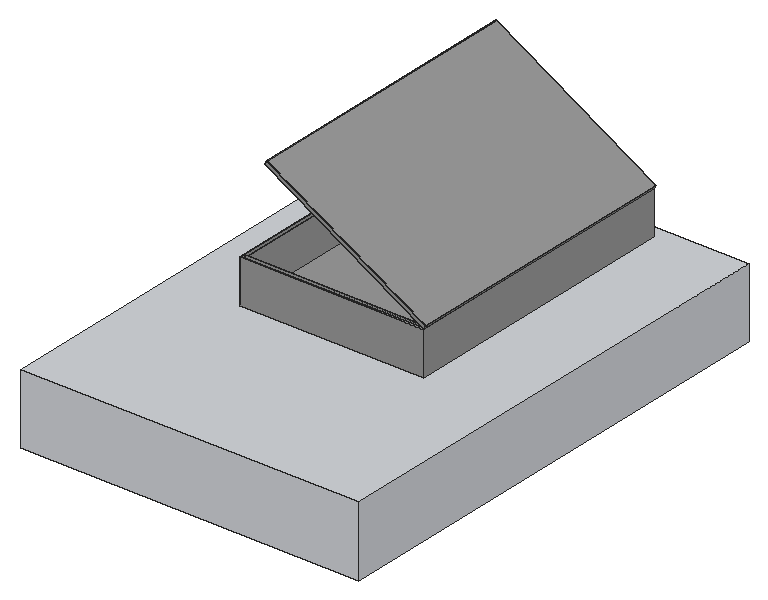
Revit family "Hager-Univers-IP44-D205-H1250-Cl.I-Encl-SE-en", category Equipement électrique, Revit 2020
Family settings
  Hôte = Face
  Configuration du panneau = Deux colonnes, circuits au sein
  Cote de connecteur circulaire = Utiliser le diamètre
  Type d'élément = Tableau de raccordement
  Couper avec des vides une fois chargée = Non
  Partagée = Non
  Point de calcul de pièce = Non
Parameters (values of type "Surface mounted (plaster) IP44 W800 H1250 D205  - FP83TN2")
  Width Control [instance] = if([EF000008 - Width] > Min Width, [EF000008 - Width], Min Width)  # 800 mm
  Commentaires du type = [HG000003 - Range]  # "Univers"
  Thickness Door [instance] = if([EF009171 - Material plate thickness door/cover] > 3 mm, 3 mm, [EF009171 - Material plate thickness door/cover])  # 1 mm
  Seal Frame Offset [instance] = 17 mm  # constant formula
  Plinth Visibility [instance] = [HG000027 - Plinth height] > 0 mm  # no
  Model = ""
  Min Width [instance] = 100 mm  # constant formula
  Min Height [instance] = 100 mm  # constant formula
  Min Depth [instance] = (2 * [EF009170 - Material plate thickness cabinet]) + 1 mm  # 3 mm
  Internal Frame Depth [instance] = (Door System Depth * 0.5)  # 9 mm
  Height Control [instance] = if([EF000040 - Height] > Min Height, [EF000040 - Height], Min Height)  # 1250 mm
  HG000027 - Plinth height = 0 mm
  HG000026 - Floor standing = no
  HG000024 - Bottom section height = 800 mm
  HG000023 - Double section enclosure = no
  HG000016 - Door 3d visibility [instance] = yes
  HG000015 - Clearance visibility [instance] = no
  HG000014 - Door on the right [instance] = yes
  HG000013 - Door on the left [instance] = not([HG000014 - Door on the right])  # no
  HG000012 - Door swing angle [instance] = 30.00°
  HG000010 - Asymmetric doors = no
  HG000009 - Double swing door = no
  HG000006 - Flush mounted = no
  HG000004 - Manufacturer reference = "FP83TN2"
  HG000003 - Range = "Univers"
  HG000002 - With door or cover = yes
  Frame Offset Bottom [instance] = 10 mm  # constant formula
  Frame Offset [instance] = 15 mm  # constant formula
  EF015940 - Cover with overpressure release = no
  EF011959 - Degree of protection (NEMA) = ""
  EF009554 - Number of openings for flange plates = 6
  EF009212 - Cover model = "EV000116 - Closed"
  EF009171 - Material plate thickness door/cover = 1 mm
  EF009170 - Material plate thickness cabinet = 1 mm
  Fabricant = "Hager"  # constant formula
  EF008873 - Nominal current (In) = 250 A
  EF007800 - Suitable for lightning protection = no
  EF006306 - With lock = no
  EF006244 - Transparent cover/door = no
  EF005474 - Degree of protection (IP) = "EV006418 - IP44"
  EF004464 - Type of door = "EV002646 - Single"
  EF004427 - Number of modules = 288
  EF004293 - Impact strength = "EV006815 - IK09"
  EF003532 - Suitable for outdoor use = no
  EF002950 - Width in number of modular spacings = 36
  EF001613 - Circuit integrity = "EV000494 - None"
  EF001596 - Material housing = "EV000179 - Steel"
  EF001131 - Internal depth = 130 mm
  EF001088 - Extension possible = yes
  EF000437 - Number of conduit inlets = 6
  EF000339 - Type of cover = "EV001012 - Cover"
  EF000266 - Number of rows = 8
  EF000218 - Built-in depth = 205 mm
  EF000118 - With mounting plate = no
  EF000116 - RAL-number = "9010"
  EF000049 - Depth = 205 mm
  EF000040 - Height = 1250 mm
  EF000008 - Width = 800 mm
  EF000007 - Colour = "EV000202 - White"
  EF000003 - Mounting method = "EV000384 - Surface mounted (plaster)"
  Door System Leaf Tolerance [instance] = 1.5 mm  # constant formula
  Door System Depth [instance] = 18 mm  # constant formula
  Door Height [instance] = Height Control - [HG000027 - Plinth height]  # 1250 mm
  Depth Control [instance] = if([EF000049 - Depth] > Min Depth, [EF000049 - Depth], Min Depth)  # 205 mm
  Default Elevation = 0 mm
  Connector Offset [instance] = Height Control / 2  # 625 mm
  Bottom Top Plate Trim [instance] = 1.5 mm  # constant formula
  Plinth height Ctrl [instance] = if([HG000027 - Plinth height] > 0 mm, [HG000027 - Plinth height], 12 mm)  # 12 mm
Types (5, lengths in mm): name | Width Control | HG000010 - Asymmetric doors | HG000009 - Double swing door | HG000004 - Manufacturer reference | EF009554 - Number of openings for flange plates | EF004464 - Type of door | EF004427 - Number of modules | EF002950 - Width in number of modular spacings | EF000437 - Number of conduit inlets | EF000008 - Width
  Surface mounted (plaster) IP44 W1050 H1250 D205  - FP84TN2 | 1050 | no | yes | "FP84TN2" | 8 | "EV003602 - Double" | 384 | 48 | 8 | 1050
  Surface mounted (plaster) IP44 W1300 H1250 D205  - FP85TN2 | 1300 | yes | yes | "FP85TN2" | 10 | "EV003602 - Double" | 480 | 60 | 10 | 1300
  Surface mounted (plaster) IP44 W300 H1250 D205  - FP81TN2 | 300 | no | no | "FP81TN2" | 2 | "EV002646 - Single" | 96 | 12 | 2 | 300
  Surface mounted (plaster) IP44 W550 H1250 D205  - FP82TN2 | 550 | no | no | "FP82TN2" | 4 | "EV002646 - Single" | 192 | 24 | 4 | 550
  Surface mounted (plaster) IP44 W800 H1250 D205  - FP83TN2 | 800 | no | no | "FP83TN2" | 6 | "EV002646 - Single" | 288 | 36 | 6 | 800
Reference planes
  plane 1 "Center (Front/Back)": y = 0
  plane 2: z = 0
  plane 3 "Center (Left/Right)": x = 0
  plane 4: z = 205
  plane 5: y = 1
  plane 6: y = 625
  plane 7: y = 0
  plane 8: y = 1250
  plane 9: z = 0
  plane 10: x = -385
  plane 11: x = 385
  plane 12: x = 384
  plane 13: x = -384
  plane 14: y = 1249
  plane 15: x = -383
  plane 16: x = -400
  plane 17: x = 383
  plane 18: x = 400
  plane 19: x = 399
  plane 20: x = -399
  plane 21: y = 11
  plane 22: y = 1250
  plane 23: y = 1234
  plane 24: z = 187
  plane 25: z = 1
  plane 26: z = 186
  plane 27: z = 204
Forms (mm)
  Extrusion 1, solid
    sketch origin (0, 0, 0) x (1, 0, 0) y (0, 1, 0)
      loop
        line (-702.964, 1305) -> (-702.964, -811.445) -> (766.763, -811.445) -> (766.763, 1305) -> (-702.964, 1305)
    from 0 to -304.8
  Extrusion 2, solid, material "Hager_Steel_RAL7035_Light_Grey", visible <- "Plinth Visibility", detail levels medium+fine
    sketch origin (0, 0, 0) x (1, 0, 0) y (0, 1, 0)
      loop
        line (-400, 0) -> (400, 0) -> (400, 12) -> (-400, 12) -> (-400, 0)
    from 0 to 187
  Extrusion 3, solid, material "Hager_Steel_RAL7035_Light_Grey", detail levels medium+fine
    sketch origin (0, 0, 0) x (1, 0, 0) y (0, 1, 0)
      loop
        line (-400, 0) -> (400, 0) -> (400, 1250) -> (-400, 1250) -> (-400, 0)
    from 0 to 187
  Extrusion 4, void
    sketch origin (0, 0, 0) x (1, 0, 0) y (0, 1, 0)
      loop
        line (-399, 1) -> (399, 1) -> (399, 1249) -> (-399, 1249) -> (-399, 1)
    from 1 to 186
  Extrusion 5, void
    sketch origin (-381.607, -4572, 187) x (0, -1, 0) y (-1, 0, 0)
      loop
        line (-4583, 2.393) -> (-5806, 2.393) -> (-5806, -765.607) -> (-4583, -765.607) -> (-4583, 2.393)
    from 0 to 1 <- "EF009170 - Material plate thickness cabinet"
  Extrusion 6, solid, material "Hager_Steel_RAL7035_Light_Grey", detail levels fine
    sketch origin (0, 0, 187) x (1, 0, 0) y (0, 1, 0)
      loop
        line (-384, 1234) -> (-384, 11) -> (384, 11) -> (384, 1234) -> (-384, 1234)
      loop
        line (-385, 10) -> (385, 10) -> (385, 1235) -> (-385, 1235) -> (-385, 10)
    from 0 to 9 <- "Internal Frame Depth"
  Extrusion 7, solid, material "Hager_Steel_RAL7035_Light_Grey", detail levels coarse
    sketch origin (0, 0, 0) x (1, 0, 0) y (0, 1, 0)
      loop
        line (-400, 0) -> (400, 0) -> (400, 1250) -> (-400, 1250) -> (-400, 0)
    from 0 to 205
  Sweep 8, void
    path in 3D
      loop
        line (-400, 12, 0) -> (400, 12, 0) -> (400, 12, 187) -> (-400, 12, 187) -> (-400, 12, 0)
    profile origin (-400, 12, 93.5) x (-1, 0, 0) y (0, -1, 0)
      loop
        line (0, 0) -> (0, 1.5) -> (-1.5, 1.5)
        arc (-1.5, 1.5) -> (-1.061, 0.439) -> (0, 0) r 1.5
Cuts and joins
  Extrusion 4, Extrusion 5 cuts Extrusion 3
  Sweep 8 cuts Extrusion 2
Lines and regions (mm)
  Masking region 1
    outline origin (0, 0, 0) x (1, 0, 0) y (0, 0, 1)
      loop
        line (-400, 205) -> (-400, 0) -> (400, 0) -> (400, 205) -> (-400, 205)
  Masking region 2, detail levels medium+fine
    outline origin (0, 140, 0) x (0, 1, 0) y (0, 0, 1)
      loop
        line (-140, 0) -> (1110, 0) -> (1110, 187) -> (-140, 187) -> (-140, 0)
  Masking region 3, not visible, detail levels medium+fine
    outline origin (0, 297.922, 0) x (0, 1, 0) y (0, 0, 1)
      loop
        line (338.578, 0) -> (378.578, 0) -> (378.578, 194)
        arc (378.578, 194) -> (375.649, 201.071) -> (368.578, 204) r 10
        line (368.578, 204) -> (338.578, 204) -> (338.578, 0)
  Masking region 4, detail levels coarse
    outline origin (0, 0, 180) x (0, 1, 0) y (0, 0, 1)
      loop
        line (0, -180) -> (1250, -180) -> (1250, 25) -> (0, 25) -> (0, -180)
  Masking region 5, visible <- "Plinth Visibility", detail levels medium+fine
    outline origin (0, 52.24, 12.345) x (0, 0, -1) y (0, 1, 0)
      loop
        line (10.845, -40.24) -> (-173.155, -40.24)
        arc (-173.155, -40.24) -> (-173.594, -41.301) -> (-174.655, -41.74) r 1.5
        line (-174.655, -41.74) -> (-174.655, -52.24) -> (12.345, -52.24) -> (12.345, -41.74)
        arc (12.345, -41.74) -> (11.285, -41.301) -> (10.845, -40.24) r 1.5
  Masking region 6, detail levels medium+fine
    outline origin (-381.607, -4572, 187) x (-1, 0, 0) y (0, -1, 0)
      loop
        line (18.393, -5822) -> (18.393, -4572) -> (-781.607, -4572) -> (-781.607, -5822) -> (18.393, -5822)
  Masking region 7, visible <- "Plinth Visibility", detail levels medium+fine
    outline origin (-381.607, -4727, 187) x (-1, 0, 0) y (0, -1, 0)
      loop
        arc (16.893, -4739) -> (17.332, -4737.939) -> (18.393, -4737.5) r 1.5
        line (18.393, -4737.5) -> (18.393, -4727) -> (-781.607, -4727) -> (-781.607, -4737.5)
        arc (-781.607, -4737.5) -> (-780.546, -4737.939) -> (-780.107, -4739) r 1.5
        line (-780.107, -4739) -> (16.893, -4739)
  Masking region 8, detail levels coarse
    outline origin (-442.548, -4669.526, 187) x (-1, 0, 0) y (0, -1, 0)
      loop
        line (-42.548, -5919.526) -> (-42.548, -4669.526) -> (-842.548, -4669.526) -> (-842.548, -5919.526) -> (-42.548, -5919.526)
  sketch lines
    curve 1: line (-400, 12, 187) -> (-400, 12, 0)
    curve 2: line (400, 12, 187) -> (-400, 12, 187)
    curve 3: line (400, 12, 187) -> (400, 12, 0)
    curve 4: line (-400, 12, 0) -> (400, 12, 0)
Dimensions and locks
  "Depth Control": plane 4 to Extrusion 1
  "HG000027 - Plinth height": plane 1 "Center (Front/Back)" to plane 7
  "EF009170 - Material plate thickness cabinet": plane 5 to plane 7
  locked: connector elem to plane 3 "Center (Left/Right)"
  equal spacing: plane 8, plane 6, plane 7
  locked: connector elem to plane 6
  "EF009170 - Material plate thickness cabinet": plane 8 to plane 14
  "EF009170 - Material plate thickness cabinet": plane 10 to plane 13
  "EF009170 - Material plate thickness cabinet": plane 12 to plane 11
  "Frame Offset": plane 20 to plane 13
  "Frame Offset": plane 12 to plane 19
  "EF009170 - Material plate thickness cabinet": plane 16 to plane 20
  "EF009170 - Material plate thickness cabinet": plane 19 to plane 18
  "Seal Frame Offset": plane 16 to plane 15
  "Seal Frame Offset": plane 17 to plane 18
  "Frame Offset Bottom": plane 21 to plane 5
  "Frame Offset": plane 14 to plane 23
  equal spacing: plane 16, plane 3 "Center (Left/Right)", plane 18
  "Width Control": plane 16 to plane 18
  "EF009170 - Material plate thickness cabinet": plane 4 to plane 27
  "EF009170 - Material plate thickness cabinet": plane 24 to plane 26
  "EF009170 - Material plate thickness cabinet": plane 25 to level
  "Door System Depth": plane 4 to plane 24
  "Height Control": plane 1 "Center (Front/Back)" to Extrusion 7 sketch curve
  "Height Control": Masking region 4 sketch curve to plane 1 "Center (Front/Back)"
  "Height Control": plane 1 "Center (Front/Back)" to plane 22
  "Bottom Top Plate Trim": profile plane to Sweep 8 sketch curve
  "Bottom Top Plate Trim": Sweep 8 sketch curve to profile plane
  "Plinth height Ctrl": plane 1 "Center (Front/Back)" to Extrusion 2 sketch curve
  "Plinth height Ctrl": Masking region 5 sketch curve to plane 1 "Center (Front/Back)"
  "Plinth height Ctrl": plane 1 "Center (Front/Back)" to Masking region 7 sketch curve
  "Thickness Door": Extrusion 6 sketch curve to Extrusion 6 sketch curve  (x3)
  "Thickness Door": cut or joined group of Extrusion 3, Extrusion 4, Extrusion 5 to Extrusion 6 sketch curve
  radius of Masking region 3 sketch curve = 10 mm
  "Bottom Top Plate Trim": radius of Masking region 5 sketch curve  (x2)
  "Bottom Top Plate Trim": radius of Sweep 8 sketch curve
  "Bottom Top Plate Trim": radius of Masking region 7 sketch curve  (x2)
  aligned and locked: plane 2 to Extrusion 1
  aligned and locked: level to Extrusion 1
  aligned and locked: level to Masking region 1 sketch curve
  aligned and locked: Masking region 1 sketch curve to plane 18
  aligned and locked: Masking region 1 sketch curve to plane 16
  aligned and locked: plane 7 to Masking region 2 sketch curve
  aligned and locked: level to Masking region 3 sketch curve
  aligned and locked: Masking region 3 sketch curve to plane 27
  aligned and locked: level to Masking region 2 sketch curve
  aligned and locked: plane 1 "Center (Front/Back)" to Extrusion 2 sketch curve
  aligned and locked: Extrusion 3 sketch curve to plane 7
  aligned and locked: plane 16 to Extrusion 3 sketch curve
  aligned and locked: plane 18 to Extrusion 3 sketch curve
  aligned and locked: plane 20 to Extrusion 4 sketch curve
  aligned and locked: plane 19 to Extrusion 4 sketch curve
  aligned and locked: Extrusion 4 sketch curve to plane 5
  aligned and locked: Extrusion 4 to plane 25
  aligned and locked: plane 26 to Extrusion 4
  aligned and locked: plane 24 to Extrusion 3
  aligned and locked: Extrusion 5 sketch curve to plane 21
  aligned and locked: Extrusion 5 sketch curve to plane 13
  aligned and locked: Extrusion 5 sketch curve to plane 12
  aligned and locked: plane 18 to Extrusion 7 sketch curve
  aligned and locked: plane 1 "Center (Front/Back)" to Extrusion 7 sketch curve
  aligned and locked: plane 16 to Extrusion 7 sketch curve
  aligned and locked: plane 4 to Extrusion 7
  aligned and locked: Extrusion 7 to level
  aligned and locked: level to Masking region 4 sketch curve
  aligned and locked: Masking region 4 sketch curve to plane 1 "Center (Front/Back)"
  aligned and locked: Masking region 4 sketch curve to plane 4
  aligned and locked: nested 1 to level
  aligned and locked: nested 1 to plane 16
  aligned and locked: plane 8 to Extrusion 3 sketch curve
  aligned and locked: plane 23 to Extrusion 5 sketch curve
  aligned and locked: plane 14 to Extrusion 4 sketch curve
  aligned and locked: Masking region 2 sketch curve to plane 8
  aligned and locked: level to Masking region 5 sketch curve
  aligned and locked: plane 16 to Extrusion 2 sketch curve
  aligned and locked: plane 18 to Extrusion 2 sketch curve
  aligned and locked: Masking region 5 sketch curve to plane 24
  aligned and locked: Masking region 2 sketch curve to plane 24
  aligned and locked: plane 24 to Extrusion 2
  aligned and locked: profile plane to Sweep 8 sketch curve  (x2)
  aligned and locked: Masking region 6 sketch curve to plane 18
  aligned and locked: Masking region 6 sketch curve to plane 22
  aligned and locked: Masking region 6 sketch curve to plane 16
  aligned and locked: plane 8 to plane 22
  aligned and locked: Masking region 6 sketch curve to plane 7
  aligned and locked: Masking region 7 sketch curve to plane 16
  aligned and locked: Masking region 7 sketch curve to plane 1 "Center (Front/Back)"
  aligned and locked: Masking region 7 sketch curve to plane 18
  aligned and locked: Masking region 8 sketch curve to plane 1 "Center (Front/Back)"
  aligned and locked: Masking region 8 sketch curve to plane 18
  aligned and locked: Masking region 8 sketch curve to plane 22
  aligned and locked: Masking region 8 sketch curve to plane 16
  aligned and locked: nested 2 to plane 7
  aligned and locked: plane 3 "Center (Left/Right)" to nested 2
  aligned and locked: nested 2 to plane 24
  aligned and locked: Extrusion 6 sketch curve to cut or joined group of Extrusion 3, Extrusion 4, Extrusion 5  (x4)
Automatic sketch dimensions
  Extrusion 1 sketch curve to Extrusion 1 sketch curve = 1469.727 mm
  Extrusion 1 sketch curve to Extrusion 1 sketch curve = 2116.445 mm
  Masking region 1 sketch curve to plane 4 = 0 mm
  plane 6 to Masking region 3 sketch curve = 11.5 mm
  Masking region 3 sketch curve to Masking region 3 sketch curve = 30 mm
  Masking region 5 sketch curve to plane 1 "Center (Front/Back)" = 0 mm
Nested families
  nested 1: "Hager_Enclosure_Symbol" at (-400, 0, 0) x (1, 0, 0) z (0, -1, 0), Height <- "Depth Control", Width <- "Width Control", type "Hager_Enclosure_Symbol"
    with Width_Ctrl 800 mm, Width 800 mm, Height_Ctrl 205 mm, Height 205 mm, A_Width_Int 13.453 mm, A_Width 161.438 mm, A_Height_Ctrl 179.375 mm, A_Height 179.375 mm
  nested 2: "EC000058_Univers_Door" at (0, 0, 187) x (1, 0, 0) z (0, 1, 0), Leaf_Tolerance <- "Door System Leaf Tolerance", Angle <- "HG000012 - Door swing angle", Door_Depth <- "Door System Depth", Door_Left <- "HG000013 - Door on the left", Transparent <- "EF006244 - Transparent cover/door", Assymetrical <- "HG000010 - Asymmetric doors", Width <- "Width Control", Clearance <- "HG000015 - Clearance visibility", Double <- "HG000009 - Double swing door", 3d_Door <- "HG000016 - Door 3d visibility", Lock_Visibility <- "EF006306 - With lock", Width_Ctrl <- "Width Control", Door_Right <- "HG000014 - Door on the right", Door <- "HG000002 - With door or cover", Height <- "Door Height", Thickness <- "Thickness Door", type "EC000058_Univers_Door", detail levels medium+fine
    with min_wh 3 mm, Width_Ctrl 800 mm, Width 800 mm, Transparent no, Thickness 1 mm, Seal_Material Hager_Rubber, Lock_Visibility no, Lock_Material Hager_Plastic_RAL9005_Jet_Black, Leaf_Width 800 mm, Leaf_Tolerance_External_Sides 0 mm, Leaf_Tolerance 1.5 mm, Leaf_Offset 0 mm, Leaf_Height 1247 mm, Leaf_2_Width 800 mm, Leaf_2_Offset 400 mm, Leaf_1_Width 800 mm, Leaf_1_Offset 400 mm, Height_Ctrl 1250 mm, Height 1250 mm, Glass_Material Hager_Glass, Double_Clearance_Ctrl no, Double no, Door_Right_Ctrl yes, Door_Right yes, Door_Material Hager_Steel_RAL7035_Light_Grey, Door_Left_Ctrl no, Door_Left no, Door_Depth 18 mm, Door yes, Clearance_Material Hager_Clearance, Clearance_Depth 800 mm, Clearance_Ctrl no, Clearance no, Assymetrical no, Angle 30.00°, 3d_Door yes
Connectors
  electrical at (0, 625, 0)
    settings: on plane 9, index 1, voltage 0 V, apparent load 0 VA, apparent load phase1 0 VA, apparent load phase2 0 VA, apparent load phase3 0 VA, power factor 1, load classification "Other", number of poles 1, system type 30, power factor state 1, is connector primary yes, connector utility no, sub classification motor no, connector description ""
Definition of nested family "EC000058_Univers_Door"
  Parameters (values of type "EC000058_Univers_Door")
    min_wh [instance] = (2 * Thickness) + 1 mm  # 11 mm
    Width_Ctrl [instance] = 400 mm
    Width [instance] = 500 mm
    Transparent [instance] = yes
    Thickness [instance] = 5 mm
    Seal_Material [instance] = none
    Lock_Visibility [instance] = yes
    Lock_Material [instance] = none
    Leaf_Width [instance] = if((Width_Ctrl - 2 * Leaf_Tolerance_External_Sides) > 0 mm, (Width_Ctrl - 2 * Leaf_Tolerance_External_Sides), min_wh)  # 400 mm
    Leaf_Tolerance_External_Sides [instance] = 0 mm  # constant formula
    Leaf_Tolerance [instance] = 1.5 mm
    Leaf_Offset [instance] = 0 mm  # constant formula
    Leaf_Height [instance] = if((Height_Ctrl - 2 * Leaf_Tolerance) > 0 mm, (Height_Ctrl - 2 * Leaf_Tolerance), min_wh)  # 497 mm
    Leaf_2_Width [instance] = if(and(and(Double, Assymetrical), Door_Left), (Leaf_Width / 3) - (Leaf_Tolerance / 2), if(and(and(Double, Assymetrical), Door_Right), (Leaf_Width / 3) * 2 - (Leaf_Tolerance / 2), if(and(Double, not(Assymetrical)), (Leaf_Width / 2) - Leaf_Tolerance, Leaf_Width)))  # 400 mm
    Leaf_2_Offset [instance] = if(and(Double, Assymetrical), Leaf_2_Width / 2, if(and(Double, not(Assymetrical)), Leaf_Width / 4, Leaf_Width / 2))  # 200 mm
    Leaf_1_Width [instance] = if(and(and(Double, Assymetrical), Door_Right), (Leaf_Width / 3) - (Leaf_Tolerance / 2), if(and(and(Double, Assymetrical), Door_Left), (Width / 3) * 2 - (Leaf_Tolerance / 2), if(and(Double, not(Assymetrical)), (Leaf_Width / 2) - Leaf_Tolerance, Leaf_Width)))  # 400 mm
    Leaf_1_Offset [instance] = if(and(Double, Assymetrical), Leaf_1_Width / 2, if(and(Double, not(Assymetrical)), Leaf_Width / 4, Leaf_Width / 2))  # 200 mm
    Height_Ctrl [instance] = if(Height > min_wh, Height, min_wh)  # 500 mm
    Height [instance] = 500 mm
    Glass_Material [instance] = none
    Double_Clearance_Ctrl [instance] = and(Double, Clearance)  # no
    Double [instance] = no
    Door_Right_Ctrl [instance] = and(or(Door_Right, Double), Door)  # yes
    Door_Right [instance] = yes
    Door_Material [instance] = none
    Door_Left_Ctrl [instance] = and(or(Door_Left, Double), Door)  # no
    Door_Left [instance] = no
    Door_Depth [instance] = 30 mm
    Door [instance] = yes
    Default Elevation = 1219.2 mm
    Clearance_Material [instance] = none
    Clearance_Depth [instance] = if(Leaf_1_Width > Leaf_2_Width, Leaf_1_Width, Leaf_2_Width)  # 400 mm
    Clearance_Ctrl [instance] = and(not(Double), Clearance)  # yes
    Clearance [instance] = yes
    Assymetrical [instance] = yes
    Angle [instance] = 30.00°
    3d_Door [instance] = yes
  Reference planes
    plane 1 "Center (Front/Back)": y = 0
    plane 2 "Bottom": z = 0
    plane 3 "Center (Left/Right)": x = 0
    plane 4: z = 500
    plane 5: x = -200
    plane 6: x = 200
    plane 7: z = 500
    plane 8: x = -200
    plane 9: z = 0
    plane 10: x = 200
    plane 11: y = 0
    plane 12: z = 1.5
    plane 13: x = -600
    plane 14: y = -400
    plane 15: x = 600
    plane 16: x = 0
    plane 17: x = 0
    plane 18: x = -200
    plane 19: x = 200
    plane 20: z = 498.5
  Forms (mm)
    Extrusion 1, solid, material <- "Clearance_Material", visible <- "Double_Clearance_Ctrl"
      sketch origin (1200, 0, 0) x (1, 0, 0) y (0, 0, -1)
        loop
          line (-1800, -498.5) -> (-600, -498.5) -> (-600, 0) -> (-1800, 0) -> (-1800, -498.5)
      from 0 to -400
  Dimensions and locks
    equal spacing: plane 5, plane 3 "Center (Left/Right)", plane 6
    "Width_Ctrl": plane 5 to plane 6
    "Leaf_Offset": plane 5 to plane 8
    "Leaf_Offset": plane 6 to plane 10
    "Leaf_Offset": plane 9 to level
    "Leaf_Offset": plane 4 to plane 7
    "Height_Ctrl": plane 4 to level
    "Leaf_Tolerance": plane 12 to plane 9
    locked: plane 11 to plane 1 "Center (Front/Back)"
    "Leaf_1_Offset": plane 18 to plane 16
    "Leaf_2_Offset": plane 17 to plane 19
    "Leaf_1_Width": plane 13 to plane 8
    "Leaf_2_Width": plane 10 to plane 15
    "Clearance_Depth": plane 14 to plane 1 "Center (Front/Back)"
    "Leaf_Tolerance_External_Sides": plane 8 to plane 18
    "Leaf_Tolerance_External_Sides": plane 19 to plane 10
    "Leaf_Tolerance": plane 7 to plane 20
    aligned and locked: level to plane 2 "Bottom"
    aligned and locked: nested 1 to plane 16
    aligned and locked: nested 2 to plane 17
    aligned and locked: Extrusion 1 to plane 13
    aligned and locked: plane 15 to Extrusion 1
    aligned and locked: Extrusion 1 to plane 14
    aligned and locked: plane 12 to nested 1
    aligned and locked: nested 2 to plane 12
    aligned and locked: Extrusion 1 to plane 11
    aligned and locked: plane 20 to Extrusion 1
    aligned and locked: nested 2 to plane 11
    aligned and locked: nested 1 to plane 11
  Automatic sketch dimensions
    Extrusion 1 sketch curve to level = 0 mm
    plane 5 to Extrusion 1 sketch curve = 400 mm
    plane 6 to Extrusion 1 sketch curve = 400 mm
    Extrusion 1 sketch curve to plane 4 = 1.5 mm
  Nested families
    nested 1: "EC000058_Univers_Door_Leaf" at (0, 0, 1.5), Width <- "Leaf_1_Width", visible <- "Door_Left_Ctrl", Leaf_Height <- "Leaf_Height", Angle <- "Angle", 3d_Door <- "3d_Door", Transparent <- "Transparent", Clearance Material <- "Clearance_Material", Clearance <- "Clearance_Ctrl", Door_Material <- "Door_Material", Glass_Material <- "Glass_Material", Door_Depth <- "Door_Depth", Lock_Material <- "Lock_Material", Seal_Material <- "Seal_Material", Lock_Visibility <- "Lock_Visibility", Thickness <- "Thickness", type "EC000058_Univers_Door_Leaf"
      with Width 400 mm, Transparent_Glass_Offset 30 mm, Transparent_Ctrl yes, Transparent yes, Thickness 5 mm, Standard no, Seal_Material none, Seal_D2 8 mm, Seal_D1 1 mm, Offset_Internal_Frame 10 mm, Lock_Width 20 mm, Lock_Visibility_3d yes, Lock_Visibility yes, Lock_Thickness_3 3 mm, Lock_Thickness_2 1 mm, Lock_Thickness_1 3 mm, Lock_Radius_Offset_2 16 mm, Lock_Radius_Offset_1 15 mm, Lock_Radius_2 5 mm, Lock_Radius 6 mm, Lock_Offset 5 mm, Lock_Material none, Lock_Height 80 mm, Lock_Cover_Top_Offset_2d 17 mm, Lock_Cover_Height -65 mm, Leaf_Height 497 mm, Internal_Seal_Thickness 8 mm, Internal_Seal_Depth_2 4.5 mm, Internal_Frame_Depth 25 mm, Glass_Thickness -1 mm, Glass_Offset -2 mm, Glass_Material none, Door_Material none, Door_Depth 30 mm, Clearance Material none, Clearance yes, Angle_Ctrl 30.00°, Angle 30.00°, 3d_Door yes
    nested 2: "EC000058_Univers_Door_Leaf" at (0, 0, 1.5) x (-1, 0, 0) z (0, 0, 1), Width <- "Leaf_2_Width", visible <- "Door_Right_Ctrl", Leaf_Height <- "Leaf_Height", Angle <- "Angle", 3d_Door <- "3d_Door", Transparent <- "Transparent", Clearance Material <- "Clearance_Material", Clearance <- "Clearance_Ctrl", Door_Material <- "Door_Material", Glass_Material <- "Glass_Material", Door_Depth <- "Door_Depth", Lock_Material <- "Lock_Material", Seal_Material <- "Seal_Material", Lock_Visibility <- "Lock_Visibility", Thickness <- "Thickness", type "EC000058_Univers_Door_Leaf"
      with Width 400 mm, Transparent_Glass_Offset 30 mm, Transparent_Ctrl yes, Transparent yes, Thickness 5 mm, Standard no, Seal_Material none, Seal_D2 8 mm, Seal_D1 1 mm, Offset_Internal_Frame 10 mm, Lock_Width 20 mm, Lock_Visibility_3d yes, Lock_Visibility yes, Lock_Thickness_3 3 mm, Lock_Thickness_2 1 mm, Lock_Thickness_1 3 mm, Lock_Radius_Offset_2 16 mm, Lock_Radius_Offset_1 15 mm, Lock_Radius_2 5 mm, Lock_Radius 6 mm, Lock_Offset 5 mm, Lock_Material none, Lock_Height 80 mm, Lock_Cover_Top_Offset_2d 17 mm, Lock_Cover_Height -65 mm, Leaf_Height 497 mm, Internal_Seal_Thickness 8 mm, Internal_Seal_Depth_2 4.5 mm, Internal_Frame_Depth 25 mm, Glass_Thickness -1 mm, Glass_Offset -2 mm, Glass_Material none, Door_Material none, Door_Depth 30 mm, Clearance Material none, Clearance yes, Angle_Ctrl 30.00°, Angle 30.00°, 3d_Door yes
  Definition of nested family "EC000058_Univers_Door_Leaf"
    Parameters (values of type "EC000058_Univers_Door_Leaf")
      Width [instance] = 2000 mm
      Transparent_Glass_Offset [instance] = 30 mm
      Transparent_Ctrl [instance] = and(Transparent, [3d_Door])  # yes
      Transparent [instance] = yes
      Thickness [instance] = 5 mm
      Standard [instance] = and(not(Transparent), [3d_Door])  # no
      Seal_Material [instance] = none
      Seal_D2 [instance] = 8 mm  # constant formula
      Seal_D1 [instance] = 1 mm  # constant formula
      Offset_Internal_Frame [instance] = 10 mm  # constant formula
      Lock_Width [instance] = 20 mm  # constant formula
      Lock_Visibility_3d [instance] = and(Lock_Visibility, [3d_Door])  # yes
      Lock_Visibility [instance] = yes
      Lock_Thickness_3 [instance] = 3 mm  # constant formula
      Lock_Thickness_2 [instance] = 1 mm  # constant formula
      Lock_Thickness_1 [instance] = 3 mm  # constant formula
      Lock_Radius_Offset_2 [instance] = Lock_Radius_Offset_1 + 1 mm  # 16 mm
      Lock_Radius_Offset_1 [instance] = 15 mm  # constant formula
      Lock_Radius_2 [instance] = Lock_Radius - 1 mm  # 5 mm
      Lock_Radius [instance] = 6 mm  # constant formula
      Lock_Offset [instance] = 5 mm  # constant formula
      Lock_Material [instance] = none
      Lock_Height [instance] = 80 mm  # constant formula
      Lock_Cover_Top_Offset_2d [instance] = Lock_Radius_Offset_2 + 1 mm  # 17 mm
      Lock_Cover_Height [instance] = -(Lock_Height - Lock_Radius_Offset_1)  # -65 mm
      Leaf_Height [instance] = 2720.336 mm
      Internal_Seal_Thickness [instance] = 8 mm  # constant formula
      Internal_Seal_Depth_2 [instance] = 4.5 mm  # constant formula
      Internal_Frame_Depth [instance] = if(Door_Depth - Thickness > 5 mm, Door_Depth - Thickness, 5 mm)  # 25 mm
      Glass_Thickness [instance] = if(Thickness > 15 mm, Glass_Offset + 10 mm, -1 mm)  # -1 mm
      Glass_Offset [instance] = if(Thickness > 15 mm, -(Thickness + 10 mm) / 2, -2 mm)  # -2 mm
      Glass_Material [instance] = none
      Door_Material [instance] = none
      Door_Depth [instance] = 30 mm
      Default Elevation = 0 mm
      Clearance Material [instance] = none
      Clearance [instance] = yes
      Angle_Ctrl [instance] = if(Angle > 180.00°, 180.00°, Angle)  # 90.00°
      Angle [instance] = 90.00°
      3d_Door [instance] = yes
    Reference planes
      plane 1 "Center (Front/Back)": y = 0
      plane 2: z = 0
      plane 3 "Center (Left/Right)": x = 0
      plane 4: y = 2000
      plane 5: x = -1000
      plane 6: x = 1000
      plane 7: x = -3000
      plane 8: z = 2720.336
      plane 9: z = 30
      plane 10: z = 2690.336
      plane 11: x = 970
      plane 12: x = -970
      plane 13: y = -3
      plane 14: z = 107.833
      plane 15: y = -5
      plane 16: y = -223.314
      plane 17: x = -1000
      plane 18: z = 1360.168
      plane 19: y = 30
    Forms (mm)
      Extrusion 1, solid, material <- "Clearance Material", visible <- "Clearance"
        sketch origin (0, 0, 0) x (1, 0, 0) y (0, 0, 1)
          loop
            line (-3000, 2720.336) -> (-3000, 0) -> (1000, 0) -> (1000, 2720.336) -> (-3000, 2720.336)
        from 0 to -2000
      Extrusion 2, solid, material <- "Door_Material", visible <- "Standard", detail levels medium+fine
        sketch origin (-1000, 0, 0) x (0, 1, 0) y (-1, 0, 0)
          loop
            line (0, 30) -> (0, 25) -> (2000, 25) -> (2000, 30) -> (0, 30)
        from 0 to 2720.336 <- "Leaf_Height"
      Extrusion 3, solid, material <- "Door_Material", visible <- "Transparent_Ctrl", detail levels medium+fine
        sketch origin (-1000, 0, 0) x (0, 1, 0) y (-1, 0, 0)
          loop
            line (0, 25) -> (2000, 25) -> (2000, 30) -> (0, 30) -> (0, 25)
        from 0 to 2720.336 <- "Leaf_Height"
      Extrusion 4, void
        sketch origin (-1025, 2000, 0) x (0, 1, 0) y (0, 0, -1)
          loop
            line (-30, -2690.336) -> (-30, -30) -> (-1970, -30) -> (-1970, -2690.336) -> (-30, -2690.336)
        from 0 to 5 <- "Thickness"
      Sweep 5, solid, material <- "Seal_Material", visible <- "Transparent_Ctrl", detail levels fine
        path in 3D
          loop
            line (-1025, 30, 30) -> (-1025, 30, 2690.336) -> (-1025, 1970, 2690.336) -> (-1025, 1970, 30) -> (-1025, 30, 30)
        profile origin (-1025, 1000, 30) x (1, 0, 0) y (0, 0, 1)
          loop
            line (0, 0) -> (0, -8) -> (1, -8) -> (1, 0) -> (0, 0)
      Extrusion 6, solid, material <- "Glass_Material", visible <- "Transparent_Ctrl", detail levels medium+fine
        sketch origin (-1030, 0, 0) x (0, 1, 0) y (0, 0, -1)
          loop
            line (1970, -2690.336) -> (1970, -30) -> (30, -30) -> (30, -2690.336) -> (1970, -2690.336)
        from -2 <- "Glass_Offset" to -1 <- "Glass_Thickness"
      Extrusion 7, solid, material <- "Door_Material", visible <- "3d_Door", detail levels medium+fine
        sketch origin (-1025, 2000, 0) x (0, -1, 0) y (0, 0, -1)
          loop
            line (0, -2720.336) -> (2000, -2720.336) -> (2000, 0) -> (0, 0) -> (0, -2720.336)
          loop
            line (1995, -5) -> (5, -5) -> (5, -2715.336) -> (1995, -2715.336) -> (1995, -5)
        from 0 to 25 <- "Internal_Frame_Depth"
      Sweep 8, solid, material <- "Seal_Material", visible <- "Transparent_Ctrl", detail levels fine
        path in 3D
          loop
            line (-1025, 0, 0) -> (-1025, 2000, 0) -> (-1025, 2000, 2720.336) -> (-1025, 0, 2720.336) -> (-1025, 0, 0)
        profile origin (-1025, 0, 1360.168) x (1, 0, 0) y (0, 1, 0)
          loop
            line (0, 10) -> (2.975, 10)
            arc (2.975, 10) -> (4.053, 10.447) -> (4.5, 11.525) r 1.525
            line (4.5, 11.525) -> (4.5, 16.527)
            arc (4.5, 16.527) -> (4.069, 17.569) -> (3.027, 18) r 1.473
            line (3.027, 18) -> (0, 18) -> (0, 10)
      Extrusion 9, solid, material <- "Lock_Material", visible <- "Lock_Visibility_3d", detail levels fine
        sketch origin (-1030, 0, 0) x (0, 1, 0) y (0, 0, -1)
          loop
            arc (1993.5, -1400.168) -> (1994.561, -1399.729) -> (1995, -1398.668) r 1.5
            line (1995, -1398.668) -> (1995, -1320.168) -> (1975, -1320.168) -> (1975, -1398.668)
            arc (1975, -1398.668) -> (1975.439, -1399.729) -> (1976.5, -1400.168) r 1.5
            line (1976.5, -1400.168) -> (1993.5, -1400.168)
        from 3 <- "Lock_Thickness_1" to 0
      Blend 10, solid, material <- "Lock_Material", visible <- "Lock_Visibility_3d", detail levels fine
        base sketch origin (-1033, 0, 0) x (0, 1, 0) y (0, 0, -1)
          loop
            line (1975, -1320.168) -> (1975, -1398.668)
            arc (1975, -1398.668) -> (1975.439, -1399.729) -> (1976.5, -1400.168) r 1.5
            line (1976.5, -1400.168) -> (1993.5, -1400.168)
            arc (1993.5, -1400.168) -> (1994.561, -1399.729) -> (1995, -1398.668) r 1.5
            line (1995, -1398.668) -> (1995, -1320.168) -> (1975, -1320.168)
        top sketch origin (-1033, 0, 0) x (0, 1, 0) y (0, 0, -1)
          loop
            line (1976, -1320.168) -> (1976, -1398.668)
            arc (1976, -1398.668) -> (1976.146, -1399.022) -> (1976.5, -1399.168) r 0.5
            line (1976.5, -1399.168) -> (1993.5, -1399.168)
            arc (1993.5, -1399.168) -> (1993.854, -1399.022) -> (1994, -1398.668) r 0.5
            line (1994, -1398.668) -> (1994, -1320.168) -> (1976, -1320.168)
        from 0 to 1 <- "Lock_Thickness_2"
      Blend 11, solid, material <- "Lock_Material", visible <- "Lock_Visibility_3d", detail levels fine
        base sketch origin (-1034, 0, 0) x (0, 1, 0) y (0, 0, -1)
          loop
            line (1978, -1320.168) -> (1978, -1384.168)
            arc (1978, -1384.168) -> (1985, -1391.168) -> (1992, -1384.168) r 7
            line (1992, -1384.168) -> (1992, -1320.168) -> (1978, -1320.168)
        top sketch origin (-1034, 0, 0) x (0, 1, 0) y (0, 0, -1)
          loop
            line (1991, -1320.168) -> (1979, -1320.168) -> (1979, -1383.168)
            arc (1979, -1383.168) -> (1985, -1389.168) -> (1991, -1383.168) r 6
            line (1991, -1383.168) -> (1991, -1320.168)
        from 0 to 3 <- "Lock_Thickness_3"
      Extrusion 12, solid, material <- "Lock_Material", visible <- "Lock_Visibility_3d", detail levels fine
        sketch origin (-1030, 1975, 1320.168) x (1, 0, 0) y (0, -1, 0)
          loop
            line (-7, -19) -> (-7, -1) -> (0, -1) -> (0, 0) -> (-8, 0) -> (-8, -20) -> (0, -20) -> (0, -19) -> (-7, -19)
        from 0 to -65 <- "Lock_Cover_Height"
      Extrusion 13, void
        sketch origin (-1038, 1995, 1320.168) x (-1, 0, 0) y (0, 0, -1)
          loop
            line (-5, -65) -> (0, -65) -> (-5, -60) -> (-5, -65)
        from 0 to 20 <- "Lock_Width"
      Extrusion 14, void
        sketch origin (-1038, 1975, 1320.168) x (0, -1, 0) y (0, 0, -1)
          loop
            circle (-10, -15.995) r 6
          loop
            circle (-10, -15.995) r 5
        from 0 to 2
      Extrusion 15, solid, material <- "Lock_Material", visible <- "Lock_Visibility_3d", detail levels medium
        sketch origin (-1030, 0, 0) x (0, 1, 0) y (0, 0, -1)
          loop
            arc (1993.5, -1400.168) -> (1994.561, -1399.729) -> (1995, -1398.668) r 1.5
            line (1995, -1398.668) -> (1995, -1320.168) -> (1975, -1320.168) -> (1975, -1398.668)
            arc (1975, -1398.668) -> (1975.439, -1399.729) -> (1976.5, -1400.168) r 1.5
            line (1976.5, -1400.168) -> (1993.5, -1400.168)
        from 8 to 0
    Cuts and joins
      Extrusion 4 cuts Extrusion 3
      Extrusion 13, Extrusion 14 cuts Extrusion 9
      Extrusion 14 cuts Blend 11
      Extrusion 13, Extrusion 14 cuts Extrusion 12
      joined: Extrusion 9, Blend 10, Blend 11, Extrusion 12
      Extrusion 14 cuts Extrusion 15
    Lines and regions (mm)
      Masking region 1, visible <- "Lock_Visibility", detail levels fine
        outline origin (0, 0, 0) x (0, 1, 0) y (0, 0, 1)
          loop
            line (30, 1320.168) -> (33, 1320.168) -> (33, 1400.168) -> (30, 1400.168) -> (30, 1320.168)
      Masking region 2, visible <- "Lock_Visibility", detail levels fine
        outline origin (0, 3.143, 0) x (0, 1, 0) y (0, 0, 1)
          loop
            line (29.857, 1354.168) -> (30.857, 1354.168) -> (30.857, 1366.168) -> (29.857, 1366.168) -> (29.857, 1354.168)
      Masking region 3, detail levels medium+fine
        outline origin (0, 0, 0) x (0, 1, 0) y (0, 0, 1)
          loop
            line (0, 0) -> (30, 0) -> (30, 2720.336) -> (0, 2720.336) -> (0, 0)
      Masking region 4, detail levels medium+fine
        outline origin (0, 0, 0) x (1, 0, 0) y (0, 0, 1)
          loop
            line (-1000, 2720.336) -> (-1000, 0) -> (1000, 0) -> (1000, 2720.336) -> (-1000, 2720.336)
      Masking region 5, visible <- "Lock_Visibility", detail levels fine
        outline origin (-47.116, 0, 0) x (1, 0, 0) y (0, 0, 1)
          loop
            arc (1024.616, 1399.168) -> (1023.556, 1398.729) -> (1023.116, 1397.668) r 1.5
            line (1023.116, 1397.668) -> (1023.116, 1320.168) -> (1041.116, 1320.168) -> (1041.116, 1397.668)
            arc (1041.116, 1397.668) -> (1040.677, 1398.729) -> (1039.616, 1399.168) r 1.5
            line (1039.616, 1399.168) -> (1024.616, 1399.168)
      Masking region 6, visible <- "Lock_Visibility", detail levels medium+fine
        outline origin (-25, 0, 0) x (1, 0, 0) y (0, 0, 1)
          loop
            arc (1001.5, 1400.168) -> (1000.439, 1399.729) -> (1000, 1398.668) r 1.5
            line (1000, 1398.668) -> (1000, 1320.168) -> (1020, 1320.168) -> (1020, 1398.668)
            arc (1020, 1398.668) -> (1019.561, 1399.729) -> (1018.5, 1400.168) r 1.5
            line (1018.5, 1400.168) -> (1001.5, 1400.168)
      Masking region 7, visible <- "Lock_Visibility", detail levels fine
        outline origin (-73.735, 0, 0) x (1, 0, 0) y (0, 0, 1)
          loop
            line (1051.735, 1382.168) -> (1065.735, 1382.168) -> (1065.735, 1384.168)
            arc (1065.735, 1384.168) -> (1058.735, 1391.168) -> (1051.735, 1384.168) r 7
            line (1051.735, 1384.168) -> (1051.735, 1382.168)
      Masking region 8, visible <- "Lock_Visibility", detail levels fine
        outline origin (-73.735, 0, 0) x (1, 0, 0) y (0, 0, 1)
          loop
            line (1052.735, 1382.168) -> (1064.735, 1382.168) -> (1064.735, 1383.168)
            arc (1064.735, 1383.168) -> (1058.735, 1389.168) -> (1052.735, 1383.168) r 6
            line (1052.735, 1383.168) -> (1052.735, 1382.168)
      Masking region 9, visible <- "Lock_Visibility", detail levels fine
        outline origin (-25, 0, 0) x (1, 0, 0) y (0, 0, 1)
          loop
            line (1020, 1320.168) -> (1020, 1382.168) -> (1000, 1382.168) -> (1000, 1320.168) -> (1020, 1320.168)
      Masking region 10, detail levels medium+fine
        outline origin (0, 0, 0) x (1, 0, 0) y (0, 0, 1)
          loop
            circle (985, 1335.144) r 6
      Masking region 11, detail levels fine
        outline origin (0, 0, 0) x (1, 0, 0) y (0, 0, 1)
          loop
            circle (985, 1335.144) r 5
      Masking region 12, visible <- "Lock_Visibility", detail levels fine
        outline origin (0, 12.767, 0) x (0, 1, 0) y (0, 0, 1)
          loop
            line (20.233, 1320.168) -> (21.233, 1320.168) -> (21.233, 1399.168) -> (20.233, 1400.168) -> (20.233, 1320.168)
      Masking region 13, visible <- "Lock_Visibility", detail levels fine
        outline origin (0, 13.767, -10) x (0, 1, 0) y (0, 0, 1)
          loop
            line (20.233, 1330.168) -> (23.233, 1330.168) -> (23.233, 1399.168) -> (20.233, 1402.168) -> (20.233, 1330.168)
      Masking region 14, visible <- "Lock_Visibility", detail levels fine
        outline origin (0, 12.767, -10) x (0, 1, 0) y (0, 0, 1)
          loop
            line (20.233, 1330.168) -> (25.233, 1330.168) -> (25.233, 1399.305) -> (20.233, 1394.305) -> (20.233, 1330.168)
      Masking region 15, visible <- "Lock_Visibility", detail levels medium
        outline origin (0, 0, 0) x (0, 1, 0) y (0, 0, 1)
          loop
            line (30, 1320.168) -> (38, 1320.168) -> (38, 1400.168) -> (30, 1400.168) -> (30, 1320.168)
      Masking region 16, visible <- "Lock_Visibility", detail levels fine
        outline origin (-1000, 0, 0) x (0, 1, 0) y (-1, 0, 0)
          loop
            line (1975, 30) -> (1995, 30) -> (1995, 38) -> (1975, 38) -> (1975, 30)
          loop
            line (1979, 37) -> (1976, 37) -> (1976, 34) -> (1978, 34) -> (1979, 37)
          loop
            line (1994, 37) -> (1991, 37) -> (1992, 34) -> (1994, 34) -> (1994, 37)
      Masking region 17, visible <- "Lock_Visibility", detail levels medium
        outline origin (-1000, 0, 0) x (0, 1, 0) y (-1, 0, 0)
          loop
            line (1975, 30) -> (1995, 30) -> (1995, 38) -> (1975, 38) -> (1975, 30)
      symbolic lines
        curve 1: line (1000, 0, 0) -> (-3000, 0, 0)
        curve 2: arc (1000, 0, 0) -> (-1000, 2000, 0) -> (-3000, 0, 0) r 2000
        curve 4: line (-1030, 0, 0) -> (-1030, 2000, 0)
      reference lines
        curve 3: line (-1000, 0, 0) -> (-1000, 2000, 0)
      symbolic lines, detail levels medium+fine
        curve 5: line (-1030, 2000, 0) -> (-1025, 2000, 0)
        curve 7: line (-1025, 0, 0) -> (-1030, 0, 0)
        curve 8: line (-1025, 0, 0) -> (-1000, 0, 0)
        curve 9: line (-1000, 0, 0) -> (-1000, 2000, 0)
        curve 10: line (-1000, 2000, 0) -> (-1025, 2000, 0)
      symbolic lines, detail levels fine
        curve 6: line (-1025, 2000, 0) -> (-1025, 0, 0)
      sketch lines
        curve 11: line (-1025, 0, 2720.336) -> (-1025, 0, 0)
        curve 12: line (-1025, 2000, 0) -> (-1025, 0, 0)
        curve 13: line (-1025, 2000, 2720.336) -> (-1025, 2000, 0)
        curve 14: line (-1025, 0, 2720.336) -> (-1025, 2000, 2720.336)
        curve 15: line (-1025, 1970, 30) -> (-1025, 30, 30)
        curve 16: line (-1025, 30, 30) -> (-1025, 30, 2690.336)
        curve 17: line (-1025, 1970, 2690.336) -> (-1025, 1970, 30)
        curve 18: line (-1025, 30, 2690.336) -> (-1025, 1970, 2690.336)
      symbolic lines, visible <- "Transparent", detail levels medium+fine
        curve 19: line (-970, 0, 2690.336) -> (970, 0, 2690.336)
        curve 20: line (-970, 0, 30) -> (-970, 0, 2690.336)
        curve 21: line (970, 0, 30) -> (-970, 0, 30)
        curve 22: line (970, 0, 2690.336) -> (970, 0, 30)
    Dimensions and locks
      "Width": plane 1 "Center (Front/Back)" to plane 4
      equal spacing: plane 5, plane 3 "Center (Left/Right)", plane 6
      "Width": plane 5 to plane 6
      "Width": plane 7 to plane 5
      "Leaf_Height": plane 8 to level
      "Width": curve 5 to curve 3
      "Width": curve 3 to curve 3
      plane 8 to plane 10 = 30 mm
      plane 9 to level = 30 mm
      plane 12 to plane 5 = 30 mm
      plane 6 to plane 11 = 30 mm
      Extrusion 1 to Extrusion 4 sketch curve = 30 mm
      "Transparent_Glass_Offset": curve 3 to Extrusion 4 sketch curve
      "Transparent_Glass_Offset": Extrusion 4 sketch curve to cut or joined group of Extrusion 3, Extrusion 4  (x2)
      cut or joined group of Extrusion 3, Extrusion 4 to Extrusion 6 sketch curve = 30 mm
      "Transparent_Glass_Offset": cut or joined group of Extrusion 3, Extrusion 4 to Extrusion 4 sketch curve
      "Thickness": curve 6 to curve 4
      "Thickness": Extrusion 7 sketch curve to Extrusion 7 sketch curve  (x4)
      "Door_Depth": curve 4 to curve 3
      "Offset_Internal_Frame": profile plane to Sweep 8 sketch curve
      "Internal_Seal_Thickness": Sweep 8 sketch curve to Sweep 8 sketch curve
      "Internal_Seal_Depth_2": profile plane to Sweep 8 sketch curve
      "Seal_D1": profile plane to Sweep 5 sketch curve
      "Seal_D2": profile plane to Sweep 5 sketch curve
      "Thickness": Extrusion 2 sketch curve to Extrusion 2 sketch curve
      equal spacing: Extrusion 9 sketch curve, plane 18, Extrusion 9 sketch curve  (x2)
      equal spacing: Masking region 1 sketch curve, plane 18, Masking region 1 sketch curve
      "Lock_Height": Masking region 1 sketch curve to Masking region 1 sketch curve
      "Lock_Radius": Masking region 2 sketch curve to plane 18 to Masking region 2 sketch curve
      Masking region 2 sketch curve to Masking region 1 = 1 mm
      "Door_Depth": plane 19 to plane 1 "Center (Front/Back)"
      "Lock_Thickness_1": Masking region 1 sketch curve to plane 19
      "Lock_Width": Extrusion 9 sketch curve to Extrusion 9 sketch curve
      "Lock_Height": Extrusion 9 sketch curve to Extrusion 9 sketch curve
      "Lock_Offset": cut or joined group of Extrusion 3, Extrusion 4 to Extrusion 9 sketch curve
      equal spacing: plane 8, plane 18, level
      "Lock_Radius_Offset_1": Blend 11 sketch curve to Blend 10
      locked: Blend 10 to Blend 11 sketch curve at 2  (x2)
      locked: var sketch to Blend 11 sketch curve at 1  (x2)
      "Lock_Radius_Offset_2": Blend 11 sketch curve to Blend 10
      locked: Extrusion 12 sketch curve to Extrusion 12 sketch curve at 1  (x3)
      Masking region 6 sketch curve to Masking region 6 sketch curve = 80 mm
      "Lock_Height": Masking region 6 sketch curve to Masking region 6 sketch curve
      "Lock_Width": Masking region 6 sketch curve to Masking region 6 sketch curve
      locked: Masking region 6 to Masking region 5 sketch curve at 1  (x3)
      locked: Masking region 5 to Masking region 7 sketch curve at 2  (x2)
      "Lock_Radius_Offset_1": Masking region 5 to Masking region 7 sketch curve
      "Lock_Radius_Offset_2": Masking region 5 to Masking region 8 sketch curve
      locked: Masking region 7 to Masking region 8 sketch curve at 1  (x2)
      "Lock_Cover_Top_Offset_2d": Masking region 5 to Masking region 9 sketch curve
      equal spacing: Masking region 9, Masking region 10 sketch curve, Masking region 9
      equal spacing: Masking region 9, Masking region 11 sketch curve, Masking region 9
      Extrusion 15 sketch curve to Extrusion 15 sketch curve = 80 mm
      "Lock_Width": Extrusion 15 sketch curve to Extrusion 15 sketch curve
      "Lock_Height": Extrusion 15 sketch curve to Extrusion 15 sketch curve
      equal spacing: Extrusion 15 sketch curve, plane 18, Extrusion 15 sketch curve
      "Lock_Thickness_3": Masking region 13 sketch curve to Masking region 13 sketch curve
      "Lock_Height": Masking region 12 sketch curve to Masking region 12 sketch curve
      locked: Masking region 13 sketch curve to Masking region 1 at 8
      locked: Masking region 14 sketch curve to Masking region 13 at 1
      locked: Masking region 14 sketch curve to Masking region 1 at 10.863
      "Lock_Height": Masking region 15 sketch curve to Masking region 15 sketch curve
      "Lock_Offset": Extrusion 15 sketch curve to cut or joined group of Extrusion 3, Extrusion 4
      "Lock_Offset": plane 6 to Masking region 6 sketch curve
      radius of Sweep 8 sketch curve = 1.525 mm
      radius of Sweep 8 sketch curve = 1.473 mm
      radius of Extrusion 9 sketch curve = 1.5 mm  (x2)
      "Lock_Radius": radius of Extrusion 14 sketch curve
      "Lock_Radius_2": radius of Extrusion 14 sketch curve
      "Lock_Radius": radius of Masking region 10 sketch curve
      "Lock_Radius_2": radius of Masking region 11 sketch curve
      radius of Extrusion 15 sketch curve = 1.5 mm  (x2)
      "Angle_Ctrl": angle plane 1 "Center (Front/Back)" to curve 3
      locked: Masking region 12 sketch curve to Masking region 12 sketch curve (angle 45.00°)
      locked: Masking region 13 sketch curve to Masking region 13 sketch curve (angle 45.00°)
      locked: Masking region 14 sketch curve to Masking region 14 sketch curve (angle 45.00°)
      aligned and locked: level to plane 2
      aligned and locked: Extrusion 1 to curve 1
      aligned and locked: plane 6 to Extrusion 1
      aligned and locked: Extrusion 1 to plane 1 "Center (Front/Back)"
      aligned and locked: plane 4 to Extrusion 1
      aligned and locked: plane 8 to Extrusion 1
      aligned and locked: curve 7 to Extrusion 2 sketch curve
      aligned and locked: curve 5 to Extrusion 2 sketch curve
      aligned and locked: curve 7 to Extrusion 3 sketch curve
      aligned and locked: Extrusion 3 sketch curve to curve 4
      aligned and locked: Extrusion 3 sketch curve to curve 6
      aligned and locked: Extrusion 3 sketch curve to curve 5
      aligned and locked: curve 9 to curve 3
      aligned and locked: Extrusion 7 sketch curve to cut or joined group of Extrusion 3, Extrusion 4  (x4)
      aligned and locked: plane 17 to curve 3
      aligned and locked: plane 1 "Center (Front/Back)" to curve 3
      aligned and locked: plane 17 to plane 5
      aligned and locked: Sweep 8 sketch curve to profile plane
      aligned and locked: Sweep 5 sketch curve to profile plane  (x2)
      aligned and locked: Masking region 1 to Masking region 2 sketch curve
      aligned and locked: plane 19 to Masking region 1 sketch curve
      aligned and locked: plane 1 "Center (Front/Back)" to Masking region 3 sketch curve
      aligned and locked: plane 19 to Masking region 3 sketch curve
      aligned and locked: level to Masking region 3 sketch curve
      aligned and locked: Masking region 3 sketch curve to plane 8
      aligned and locked: plane 17 to Masking region 4 sketch curve
      aligned and locked: level to Masking region 4 sketch curve
      aligned and locked: Masking region 4 sketch curve to plane 8
      aligned and locked: plane 12 to curve 20
      aligned and locked: plane 10 to curve 19
      aligned and locked: plane 11 to curve 22
      aligned and locked: curve 21 to plane 9
      aligned and locked: Extrusion 2 sketch curve to cut or joined group of Extrusion 3, Extrusion 4
      aligned and locked: Blend 10 sketch curve to Extrusion 9  (x4)
      aligned and locked: Extrusion 9 to Blend 10 sketch curve
      aligned and locked: Blend 10 to Blend 11 sketch curve
      aligned and locked: Extrusion 12 sketch curve to Blend 11
      aligned and locked: Extrusion 12 sketch curve to Extrusion 9  (x4)
      aligned and locked: Masking region 5 sketch curve to Masking region 6
      aligned and locked: Masking region 9 sketch curve to Masking region 6  (x3)
      aligned and locked: Masking region 12 sketch curve to Masking region 1
      aligned and locked: Masking region 13 sketch curve to Masking region 1
      aligned and locked: Masking region 12 to Masking region 14
      aligned and locked: Masking region 14 sketch curve to Masking region 1
      aligned and locked: Masking region 15 sketch curve to Masking region 14
      aligned and locked: Masking region 13 sketch curve to Masking region 12
      aligned and locked: Masking region 16 sketch curve to cut or joined group of Extrusion 14, Extrusion 15  (x4)
      aligned and locked: Masking region 16 sketch curve to cut or joined group of Extrusion 9, Blend 10, Blend 11, Extrusion 12, Extrusion 13, Extrusion 14  (x6)
      aligned and locked: cut or joined group of Extrusion 9, Blend 10, Blend 11, Extrusion 12, Extrusion 13, Extrusion 14 to Masking region 16 sketch curve
      aligned and locked: Masking region 17 sketch curve to cut or joined group of Extrusion 14, Extrusion 15  (x3)
      aligned and locked: Masking region 17 sketch curve to cut or joined group of Extrusion 9, Blend 10, Blend 11, Extrusion 12, Extrusion 13, Extrusion 14
      aligned and locked: Masking region 9 to Masking region 8 sketch curve
      aligned and locked: Masking region 9 to Masking region 7 sketch curve
    Automatic sketch dimensions
      plane 1 "Center (Front/Back)" to curve 2 = 0 mm
      curve 2 to plane 5 = 0 mm
      Extrusion 1 sketch curve to level = 0 mm
      Extrusion 1 sketch curve to plane 7 = 0 mm
      Extrusion 1 sketch curve to plane 6 = 0 mm
      Extrusion 1 sketch curve to plane 8 = 0 mm
      Extrusion 3 to Extrusion 6 sketch curve = 30 mm  (x4)
      Masking region 4 sketch curve to plane 6 = 0 mm
      Blend 10 sketch curve to Extrusion 9 = 1.5 mm
      Blend 10 sketch curve to Extrusion 9 = 1 mm
      Extrusion 13 sketch curve to Extrusion 12 = 0 mm  (x2)
      Extrusion 12 to Extrusion 13 sketch curve = 3 mm
      Extrusion 13 sketch curve to Extrusion 12 = 5 mm
      Extrusion 14 sketch curve to Extrusion 14 sketch curve = 0 mm  (x2)
      Extrusion 14 sketch curve to Extrusion 12 = 10 mm
      Extrusion 14 sketch curve to Extrusion 12 = 15.995 mm
      Masking region 5 sketch curve to Masking region 5 sketch curve = 1.5 mm  (x2)
      Masking region 10 sketch curve to plane 18 = 25.024 mm
      Masking region 11 sketch curve to plane 18 = 25.024 mm
      plane 19 to Masking region 14 sketch curve = 3 mm
      Masking region 16 sketch curve to Masking region 16 sketch curve = 3 mm
      curve 4 to curve 3 = 0 mm
      Blend 10 to Blend 11 sketch curve = 0 mm
      Masking region 6 sketch curve to Masking region 6 sketch curve = 1.5 mm  (x2)
      Masking region 6 sketch curve to plane 18 = 40 mm
      plane 19 to Masking region 12 sketch curve = 3 mm
      Masking region 12 sketch curve to Masking region 12 sketch curve = 1 mm
      Masking region 15 sketch curve to plane 19 = 0 mm
      Masking region 15 sketch curve to plane 18 = 40 mm
      radius of Blend 10 sketch curve to Extrusion 9 = 1 mm
Definition of nested family "Hager_Enclosure_Symbol"
  Parameters (values of type "Hager_Enclosure_Symbol")
    Width_Ctrl [instance] = if(Width > 1 mm, Width, 1 mm)  # 102.27 mm
    Width [instance] = 102.27 mm
    Height_Ctrl [instance] = if(Height > 1 mm, Height, 1 mm)  # 66.5 mm
    A_Width_Int [instance] = if(A_Width / 12 > 2 mm, A_Width / 12, 2 mm)  # 4.364 mm
    A_Width [instance] = if(A_Height_Ctrl * 0.9 > 2 mm, A_Height_Ctrl * 0.9, 2 mm)  # 52.369 mm
    A_Height_Ctrl [instance] = if(A_Height > 2 mm, A_Height, 2 mm)  # 58.188 mm
    Height [instance] = 66.5 mm
    A_Height [instance] = Height - (Height / 8)  # 58.188 mm
  Reference planes
    plane 1 "Centre (avant/arrière)": y = 0
    plane 2: z = 0
    plane 3 "Centre (gauche/droite)": x = 0
    plane 4: x = 52.369
    plane 5: y = 33.042
    plane 6: y = 41.77
    plane 7: y = 66.5
    plane 8: x = 26.184
    plane 9: y = 37.406
    plane 10: x = 102.27
    plane 11: y = 66.5
    plane 12: y = 8.313
  Lines and regions (mm)
    Filled region 1, type "Solid_Black", in view "Niveau de réf."
      outline origin (0, 0, 0) x (1, 0, 0) y (0, 1, 0)
        loop
          line (52.369, 66.5) -> (33.188, 54.536) -> (45.365, 45.006) -> (52.369, 66.5)
    Filled region 2, type "Solid_Black", in view "Niveau de réf."
      outline origin (0, 0, 0) x (1, 0, 0) y (0, 1, 0)
        loop
          line (0, 0) -> (102.27, 0) -> (102.27, 66.5) -> (0, 0)
    detail lines, in view "Niveau de réf."
      curve 1: line (0, 8.313, 0) -> (26.184, 41.77, 0)
      curve 2: line (26.184, 41.77, 0) -> (26.184, 33.042, 0)
      curve 3: line (26.184, 33.042, 0) -> (52.369, 66.5, 0)
  Dimensions and locks
    "A_Width": plane 3 "Centre (gauche/droite)" to plane 4
    equal spacing: plane 3 "Centre (gauche/droite)", plane 8, plane 4
    equal spacing: plane 6, plane 9, plane 5
    equal spacing: curve 3, Filled region 1 sketch curve, Filled region 1 sketch curve
    "Height_Ctrl": plane 1 "Centre (avant/arrière)" to plane 11
    "A_Height_Ctrl": plane 11 to plane 12
    equal spacing: plane 11, plane 9, plane 12
    "A_Width_Int": plane 6 to plane 9
    "Width_Ctrl": plane 3 "Centre (gauche/droite)" to plane 10
    angle Filled region 1 sketch curve to curve 3 = 20.00°
    angle curve 3 to Filled region 1 sketch curve = 20.00°
    locked: curve 3 to Filled region 1 sketch curve (angle 90.00°)
    aligned and locked: plane 10 to Filled region 2
    aligned and locked: plane 11 to Filled region 2 sketch curve
    aligned and locked: plane 10 to Filled region 2 sketch curve
    aligned and locked: plane 3 "Centre (gauche/droite)" to curve 1
    aligned and locked: plane 12 to curve 1
    aligned and locked: plane 7 to plane 11
  Automatic sketch dimensions
    Filled region 1 sketch curve to plane 4 = 0 mm
    Filled region 1 sketch curve to plane 7 = 0 mm
    plane 1 "Centre (avant/arrière)" to Filled region 2 sketch curve = 0 mm
    Filled region 2 sketch curve to plane 3 "Centre (gauche/droite)" = 0 mm
    curve 2 to plane 6 = 0 mm
    curve 2 to plane 8 = 0 mm
    curve 3 to plane 4 = 0 mm
    curve 2 to plane 5 = 0 mm
    curve 3 to plane 7 = 0 mm
